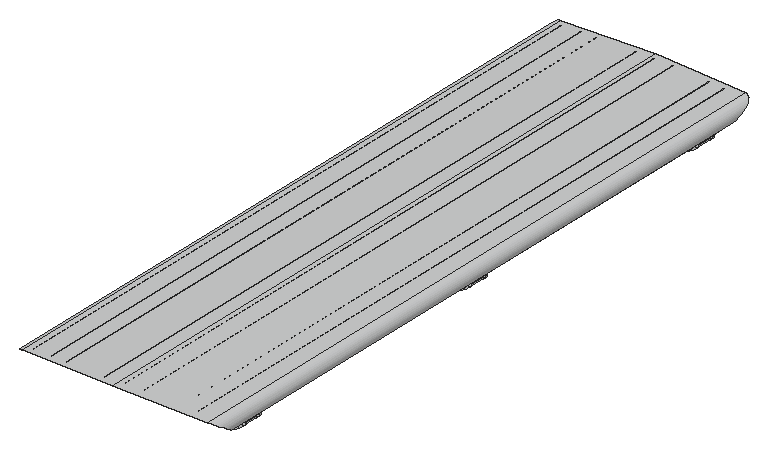
Revit family (continued)
Definition of nested family "9156_Base"
  Lines and regions (in)
    symbolic lines, style "Masking Lines", detail levels fine
      curve 100: arc (3.24302, 0, 1.06537) -> (3.22666, 0, 1.0586) -> (3.21988, 0, 1.04224) r 0.02313
      curve 101: line (3.21988, 0, 1.04224) -> (3.21988, 0, 1.0016)
      curve 102: arc (3.21988, 0, 1.0016) -> (3.22681, 0, 0.98487) -> (3.24355, 0, 0.97793) r 0.02366
      curve 103: line (3.24355, 0, 0.97793) -> (3.32055, 0, 0.97793)
      curve 104: arc (3.32055, 0, 0.97793) -> (3.33879, 0, 0.97038) -> (3.34635, 0, 0.95214) r 0.0258
      curve 105: line (3.34635, 0, 0.95214) -> (3.34635, 0, 0.54039)
      curve 106: arc (3.34635, 0, 0.54039) -> (3.3855, 0, 0.50263) -> (3.42386, 0, 0.54119) r 0.03876
      curve 107: line (2.84639, 0, 1.00259) -> (3.22101, 0, 1.00259)
      curve 108: arc (2.71843, 0, 0.90972) -> (2.74256, 0, 0.94804) -> (2.77669, 0, 0.97781) r 0.15589
      curve 109: line (2.7394, 0, 0.97781) -> (2.82252, 0, 0.97781)
      curve 110: arc (2.82252, 0, 0.97781) -> (2.83972, 0, 0.98513) -> (2.84639, 0, 1.00259) r 0.02389
      curve 111: line (2.8464, 0, 1.0017) -> (2.8464, 0, 1.03965)
      curve 112: arc (2.8464, 0, 1.03965) -> (2.84073, 0, 1.05357) -> (2.82695, 0, 1.05957) r 0.01992
      curve 113: line (2.82695, 0, 1.05957) -> (2.73955, 0, 1.06163)
      curve 114: arc (2.71843, 0, 0.95684) -> (2.72458, 0, 0.97167) -> (2.7394, 0, 0.97781) r 0.02097
      curve 115: line (2.71843, 0, 0.39105) -> (2.71843, 0, 0.95684)
      curve 116: line (3.04301, 0, 0.37364) -> (2.63021, 0, 0.3375)
      curve 117: arc (3.46663, 0, 0.51866) -> (3.26365, 0, 0.42034) -> (3.04301, 0, 0.37364) r 0.93236
      curve 118: line (0, 11.64434, 0.69595) -> (0, -11.64434, 0.69595)
      curve 119: spline (0, 11.17439, 0.39709) -> (0, 11.17496, 0.40266) -> (0, 11.17438, 0.40869) -> (0, 11.17264, 0.41517) -> (0, 11.16975, 0.42207) -> (0, 11.16572, 0.42937) -> (0, 11.16057, 0.43705) -> (0, 11.1543, 0.44509) -> (0, 11.14695, 0.45345) -> (0, 11.13852, 0.46211) -> (0, 11.12906, 0.47104) -> (0, 11.11859, 0.48022) -> (0, 11.10715, 0.48961)
      curve 120: spline (0, 11.10715, 0.48961) -> (0, 11.102, 0.49231) -> (0, 11.09673, 0.49495) -> (0, 11.09131, 0.49756) -> (0, 11.08577, 0.50011) -> (0, 11.0801, 0.50262) -> (0, 11.07431, 0.50508) -> (0, 11.0684, 0.50748) -> (0, 11.06237, 0.50983) -> (0, 11.05624, 0.51212) -> (0, 11.04999, 0.51436) -> (0, 11.04364, 0.51654) -> (0, 11.0372, 0.51866)
      curve 121: line (0, 11.0372, 0.51866) -> (0, 10.15222, 0.51866)
      curve 122: spline (0, 10.0823, 0.48963) -> (0, 10.08744, 0.49232) -> (0, 10.09272, 0.49497) -> (0, 10.09813, 0.49757) -> (0, 10.10367, 0.50012) -> (0, 10.10933, 0.50263) -> (0, 10.11512, 0.50508) -> (0, 10.12103, 0.50748) -> (0, 10.12706, 0.50983) -> (0, 10.13319, 0.51213) -> (0, 10.13943, 0.51436) -> (0, 10.14578, 0.51654) -> (0, 10.15222, 0.51866)
      curve 123: spline (0, 10.0823, 0.48963) -> (0, 10.07068, 0.48048) -> (0, 10.06007, 0.4715) -> (0, 10.0505, 0.46271) -> (0, 10.042, 0.45414) -> (0, 10.03459, 0.44582) -> (0, 10.02832, 0.43779) -> (0, 10.02318, 0.43005) -> (0, 10.01921, 0.42264) -> (0, 10.0164, 0.41559) -> (0, 10.01478, 0.40891) -> (0, 10.01435, 0.40263) -> (0, 10.0151, 0.39677)
      curve 124: line (0, 10.0151, 0.30724) -> (0, 10.0151, 0.39677)
      curve 125: spline (0, 10.01503, 0.34293) -> (0, 10.01444, 0.34808) -> (0, 10.015, 0.35367) -> (0, 10.01671, 0.35969) -> (0, 10.01958, 0.3661) -> (0, 10.02358, 0.37289) -> (0, 10.02871, 0.38005) -> (0, 10.03496, 0.38754) -> (0, 10.04229, 0.39534) -> (0, 10.0507, 0.40343) -> (0, 10.06014, 0.41178) -> (0, 10.07059, 0.42036) -> (0, 10.08202, 0.42915)
      curve 126: spline (0, 10.08202, 0.42915) -> (0, 10.09311, 0.43455) -> (0, 10.10486, 0.43968) -> (0, 10.11726, 0.44453) -> (0, 10.13024, 0.44908) -> (0, 10.14376, 0.45331) -> (0, 10.15778, 0.4572) -> (0, 10.17224, 0.46074) -> (0, 10.18709, 0.46393) -> (0, 10.20227, 0.46674) -> (0, 10.21774, 0.46917) -> (0, 10.23343, 0.47121) -> (0, 10.2493, 0.47285)
      curve 127: line (0, 10.29529, 0.47285) -> (0, 10.2493, 0.47285)
      curve 128: spline (0, 10.29529, 0.47285) -> (0, 10.30129, 0.47248) -> (0, 10.30726, 0.47204) -> (0, 10.31321, 0.47152) -> (0, 10.31914, 0.47092) -> (0, 10.32504, 0.47024) -> (0, 10.3309, 0.46948) -> (0, 10.33673, 0.46865) -> (0, 10.34251, 0.46774) -> (0, 10.34826, 0.46676) -> (0, 10.35395, 0.4657) -> (0, 10.35959, 0.46457) -> (0, 10.36518, 0.46336)
      curve 129: line (0, 10.36518, 0.46336) -> (0, 10.82423, 0.46336)
      curve 130: spline (0, 10.82423, 0.46336) -> (0, 10.82982, 0.46456) -> (0, 10.83547, 0.46568) -> (0, 10.84116, 0.46673) -> (0, 10.8469, 0.46771) -> (0, 10.85269, 0.46861) -> (0, 10.85852, 0.46944) -> (0, 10.86438, 0.4702) -> (0, 10.87028, 0.47088) -> (0, 10.8762, 0.47149) -> (0, 10.88216, 0.47202) -> (0, 10.88813, 0.47247) -> (0, 10.89412, 0.47285)
      curve 131: line (0, 10.93974, 0.47285) -> (0, 10.89412, 0.47285)
      curve 132: spline (0, 10.93974, 0.47285) -> (0, 10.95561, 0.47159) -> (0, 10.97131, 0.46987) -> (0, 10.98679, 0.46769) -> (0, 11.00198, 0.46506) -> (0, 11.01684, 0.46199) -> (0, 11.0313, 0.4585) -> (0, 11.04533, 0.45459) -> (0, 11.05886, 0.45028) -> (0, 11.07185, 0.44558) -> (0, 11.08426, 0.44051) -> (0, 11.09603, 0.4351) -> (0, 11.10713, 0.42935)
      curve 133: spline (0, 11.17438, 0.34293) -> (0, 11.17498, 0.34809) -> (0, 11.17442, 0.35369) -> (0, 11.17269, 0.35972) -> (0, 11.16981, 0.36615) -> (0, 11.16579, 0.37296) -> (0, 11.16064, 0.38013) -> (0, 11.15437, 0.38764) -> (0, 11.14701, 0.39546) -> (0, 11.13857, 0.40357) -> (0, 11.12909, 0.41194) -> (0, 11.1186, 0.42054) -> (0, 11.10713, 0.42935)
      curve 134: line (0, 11.32026, 0.49676) -> (0, 11.09187, 0.49676)
      curve 135: line (0, 10.09654, 0.49627) -> (0, 0.49904, 0.49627)
      curve 136: line (0, -0.50011, 0.49601) -> (0, -10.08742, 0.49601)
      curve 137: line (0, -11.08804, 0.49565) -> (0, -11.31846, 0.49565)
      curve 138: spline (0, -11.09967, 0.48964) -> (0, -11.11123, 0.48053) -> (0, -11.1218, 0.47159) -> (0, -11.13134, 0.46284) -> (0, -11.13982, 0.4543) -> (0, -11.14721, 0.44602) -> (0, -11.15349, 0.43801) -> (0, -11.15864, 0.4303) -> (0, -11.16264, 0.42292) -> (0, -11.16548, 0.41589) -> (0, -11.16714, 0.40922) -> (0, -11.16763, 0.40295) -> (0, -11.16695, 0.39709)
      curve 139: spline (0, -11.02975, 0.51866) -> (0, -11.0362, 0.51658) -> (0, -11.04255, 0.51444) -> (0, -11.04879, 0.51224) -> (0, -11.05493, 0.50996) -> (0, -11.06095, 0.50763) -> (0, -11.06686, 0.50523) -> (0, -11.07265, 0.50277) -> (0, -11.07831, 0.50025) -> (0, -11.08385, 0.49768) -> (0, -11.08926, 0.49505) -> (0, -11.09453, 0.49237) -> (0, -11.09967, 0.48964)
      curve 140: line (0, -10.14478, 0.51866) -> (0, -11.02975, 0.51866)
      curve 141: spline (0, -11.09995, 0.42915) -> (0, -11.08887, 0.43455) -> (0, -11.07711, 0.43968) -> (0, -11.06472, 0.44453) -> (0, -11.05174, 0.44908) -> (0, -11.03821, 0.45331) -> (0, -11.0242, 0.4572) -> (0, -11.00974, 0.46074) -> (0, -10.99489, 0.46393) -> (0, -10.9797, 0.46674) -> (0, -10.96423, 0.46917) -> (0, -10.94854, 0.47121) -> (0, -10.93268, 0.47285)
      curve 142: spline (0, -11.16694, 0.34293) -> (0, -11.16754, 0.34808) -> (0, -11.16698, 0.35367) -> (0, -11.16526, 0.35969) -> (0, -11.1624, 0.3661) -> (0, -11.15839, 0.37289) -> (0, -11.15326, 0.38005) -> (0, -11.14701, 0.38754) -> (0, -11.13968, 0.39534) -> (0, -11.13128, 0.40343) -> (0, -11.12183, 0.41178) -> (0, -11.11138, 0.42036) -> (0, -11.09995, 0.42915)
      curve 143: line (0, -10.88668, 0.47285) -> (0, -10.93268, 0.47285)
      curve 144: spline (0, -10.88668, 0.47285) -> (0, -10.88069, 0.47248) -> (0, -10.87471, 0.47204) -> (0, -10.86876, 0.47152) -> (0, -10.86283, 0.47092) -> (0, -10.85694, 0.47024) -> (0, -10.85107, 0.46948) -> (0, -10.84525, 0.46865) -> (0, -10.83946, 0.46774) -> (0, -10.83372, 0.46676) -> (0, -10.82802, 0.4657) -> (0, -10.82238, 0.46457) -> (0, -10.81679, 0.46336)
      curve 145: line (0, -10.81679, 0.46336) -> (0, -10.35774, 0.46336)
      curve 146: spline (0, -10.35774, 0.46336) -> (0, -10.35215, 0.46456) -> (0, -10.34651, 0.46568) -> (0, -10.34081, 0.46673) -> (0, -10.33507, 0.46771) -> (0, -10.32928, 0.46861) -> (0, -10.32346, 0.46944) -> (0, -10.31759, 0.4702) -> (0, -10.3117, 0.47088) -> (0, -10.30577, 0.47149) -> (0, -10.29982, 0.47202) -> (0, -10.29384, 0.47247) -> (0, -10.28785, 0.47285)
      curve 147: line (0, -10.24223, 0.47285) -> (0, -10.28785, 0.47285)
      curve 148: spline (0, -10.24223, 0.47285) -> (0, -10.22637, 0.47159) -> (0, -10.21067, 0.46987) -> (0, -10.1952, 0.46769) -> (0, -10.18001, 0.46506) -> (0, -10.16516, 0.462) -> (0, -10.1507, 0.45851) -> (0, -10.13668, 0.4546) -> (0, -10.12315, 0.45029) -> (0, -10.11016, 0.4456) -> (0, -10.09776, 0.44053) -> (0, -10.08599, 0.43512) -> (0, -10.07489, 0.42937)
      curve 149: spline (0, -10.07489, 0.42937) -> (0, -10.06325, 0.42082) -> (0, -10.05263, 0.41242) -> (0, -10.04304, 0.4042) -> (0, -10.03453, 0.3962) -> (0, -10.02713, 0.38843) -> (0, -10.02084, 0.38092) -> (0, -10.0157, 0.3737) -> (0, -10.01173, 0.36679) -> (0, -10.00893, 0.36021) -> (0, -10.00732, 0.35398) -> (0, -10.00689, 0.34812) -> (0, -10.00766, 0.34266)
      curve 150: spline (0, -10.00766, 0.39675) -> (0, -10.00701, 0.40232) -> (0, -10.00754, 0.40836) -> (0, -10.00923, 0.41485) -> (0, -10.01208, 0.42177) -> (0, -10.01608, 0.4291) -> (0, -10.02123, 0.4368) -> (0, -10.02749, 0.44487) -> (0, -10.03486, 0.45327) -> (0, -10.04331, 0.46197) -> (0, -10.05281, 0.47095) -> (0, -10.06332, 0.48017) -> (0, -10.07483, 0.48961)
      curve 151: line (0, -10.00766, 0.39675) -> (0, -10.00766, 0.31174)
      curve 152: spline (0, -10.07483, 0.48961) -> (0, -10.07997, 0.49231) -> (0, -10.08525, 0.49495) -> (0, -10.09066, 0.49756) -> (0, -10.0962, 0.50011) -> (0, -10.10187, 0.50262) -> (0, -10.10766, 0.50508) -> (0, -10.11357, 0.50748) -> (0, -10.1196, 0.50983) -> (0, -10.12574, 0.51212) -> (0, -10.13198, 0.51436) -> (0, -10.13833, 0.51654) -> (0, -10.14478, 0.51866)
      curve 153: line (0, 0.44222, 0.51866) -> (0, -0.44275, 0.51866)
      curve 154: spline (0, 0.51217, 0.48961) -> (0, 0.50703, 0.49231) -> (0, 0.50175, 0.49495) -> (0, 0.49634, 0.49756) -> (0, 0.4908, 0.50011) -> (0, 0.48513, 0.50262) -> (0, 0.47934, 0.50508) -> (0, 0.47343, 0.50748) -> (0, 0.4674, 0.50983) -> (0, 0.46126, 0.51212) -> (0, 0.45502, 0.51436) -> (0, 0.44867, 0.51654) -> (0, 0.44222, 0.51866)
      curve 155: spline (0, 0.57934, 0.39675) -> (0, 0.57999, 0.40232) -> (0, 0.57946, 0.40836) -> (0, 0.57777, 0.41485) -> (0, 0.57492, 0.42177) -> (0, 0.57092, 0.4291) -> (0, 0.56577, 0.4368) -> (0, 0.55951, 0.44487) -> (0, 0.55214, 0.45327) -> (0, 0.54369, 0.46197) -> (0, 0.53419, 0.47095) -> (0, 0.52368, 0.48017) -> (0, 0.51217, 0.48961)
      curve 156: line (0, 0.57934, 0.39675) -> (0, 0.57934, 0.31174)
      curve 157: spline (0, 0.57934, 0.31174) -> (0, 0.58017, 0.30985) -> (0, 0.57979, 0.30795) -> (0, 0.57822, 0.30606) -> (0, 0.57546, 0.30418) -> (0, 0.57151, 0.30232) -> (0, 0.56639, 0.30048) -> (0, 0.56012, 0.29867) -> (0, 0.55272, 0.2969) -> (0, 0.54421, 0.29517) -> (0, 0.53462, 0.29349) -> (0, 0.52398, 0.29186) -> (0, 0.51233, 0.29029)
      curve 158: spline (0, 0.51233, 0.29029) -> (0, 0.5029, 0.28951) -> (0, 0.49308, 0.28876) -> (0, 0.4829, 0.28806) -> (0, 0.47237, 0.28741) -> (0, 0.46153, 0.28679) -> (0, 0.45038, 0.28623) -> (0, 0.43897, 0.28571) -> (0, 0.4273, 0.28524) -> (0, 0.41541, 0.28482) -> (0, 0.40332, 0.28445) -> (0, 0.39105, 0.28413) -> (0, 0.37864, 0.28387)
      curve 159: line (0, 0.37864, 0.28387) -> (0, 0.28301, 0.28387)
      curve 160: line (0, 0.28301, 0.28464) -> (0, -0.28989, 0.28464)
      curve 161: line (0, -0.28989, 0.28387) -> (0, -0.37917, 0.28387)
      curve 162: spline (0, -0.37917, 0.28387) -> (0, -0.39159, 0.28413) -> (0, -0.40385, 0.28445) -> (0, -0.41594, 0.28482) -> (0, -0.42783, 0.28524) -> (0, -0.4395, 0.28571) -> (0, -0.45091, 0.28623) -> (0, -0.46206, 0.28679) -> (0, -0.4729, 0.28741) -> (0, -0.48343, 0.28806) -> (0, -0.49361, 0.28876) -> (0, -0.50343, 0.28951) -> (0, -0.51286, 0.29029)
      curve 163: spline (0, -0.51286, 0.29029) -> (0, -0.52229, 0.29155) -> (0, -0.53107, 0.29284) -> (0, -0.53918, 0.29417) -> (0, -0.54661, 0.29553) -> (0, -0.55334, 0.29692) -> (0, -0.55936, 0.29834) -> (0, -0.56465, 0.29978) -> (0, -0.5692, 0.30125) -> (0, -0.57301, 0.30273) -> (0, -0.57606, 0.30422) -> (0, -0.57835, 0.30573) -> (0, -0.57987, 0.30724)
      curve 164: line (0, -0.57987, 0.30724) -> (0, -0.57987, 0.39677)
      curve 165: spline (0, -0.51267, 0.48963) -> (0, -0.52429, 0.48048) -> (0, -0.53491, 0.4715) -> (0, -0.54448, 0.46271) -> (0, -0.55298, 0.45414) -> (0, -0.56038, 0.44582) -> (0, -0.56666, 0.43779) -> (0, -0.57179, 0.43005) -> (0, -0.57577, 0.42264) -> (0, -0.57857, 0.41559) -> (0, -0.58019, 0.40891) -> (0, -0.58063, 0.40263) -> (0, -0.57987, 0.39677)
      curve 166: spline (0, -0.51267, 0.48963) -> (0, -0.50753, 0.49232) -> (0, -0.50226, 0.49497) -> (0, -0.49685, 0.49757) -> (0, -0.49131, 0.50012) -> (0, -0.48564, 0.50263) -> (0, -0.47985, 0.50508) -> (0, -0.47394, 0.50748) -> (0, -0.46792, 0.50983) -> (0, -0.46178, 0.51213) -> (0, -0.45554, 0.51436) -> (0, -0.4492, 0.51654) -> (0, -0.44275, 0.51866)
      curve 167: spline (0, -0.51295, 0.42915) -> (0, -0.50187, 0.43455) -> (0, -0.49011, 0.43968) -> (0, -0.47772, 0.44453) -> (0, -0.46474, 0.44908) -> (0, -0.45121, 0.45331) -> (0, -0.4372, 0.4572) -> (0, -0.42274, 0.46074) -> (0, -0.40789, 0.46393) -> (0, -0.3927, 0.46674) -> (0, -0.37723, 0.46917) -> (0, -0.36154, 0.47121) -> (0, -0.34568, 0.47285)
      curve 168: spline (0, -0.57994, 0.34293) -> (0, -0.58054, 0.34808) -> (0, -0.57998, 0.35367) -> (0, -0.57826, 0.35969) -> (0, -0.5754, 0.3661) -> (0, -0.57139, 0.37289) -> (0, -0.56626, 0.38005) -> (0, -0.56001, 0.38754) -> (0, -0.55268, 0.39534) -> (0, -0.54428, 0.40343) -> (0, -0.53483, 0.41178) -> (0, -0.52438, 0.42036) -> (0, -0.51295, 0.42915)
      curve 169: line (0, -0.29968, 0.47285) -> (0, -0.34568, 0.47285)
      curve 170: spline (0, -0.29968, 0.47285) -> (0, -0.29369, 0.47248) -> (0, -0.28771, 0.47204) -> (0, -0.28176, 0.47152) -> (0, -0.27583, 0.47092) -> (0, -0.26994, 0.47024) -> (0, -0.26407, 0.46948) -> (0, -0.25825, 0.46865) -> (0, -0.25246, 0.46774) -> (0, -0.24672, 0.46676) -> (0, -0.24102, 0.4657) -> (0, -0.23538, 0.46457) -> (0, -0.22979, 0.46336)
      curve 171: line (0, -0.22979, 0.46336) -> (0, 0.22926, 0.46336)
      curve 172: spline (0, 0.22926, 0.46336) -> (0, 0.23485, 0.46456) -> (0, 0.24049, 0.46568) -> (0, 0.24619, 0.46673) -> (0, 0.25193, 0.46771) -> (0, 0.25772, 0.46861) -> (0, 0.26354, 0.46944) -> (0, 0.26941, 0.4702) -> (0, 0.2753, 0.47088) -> (0, 0.28123, 0.47149) -> (0, 0.28718, 0.47202) -> (0, 0.29316, 0.47247) -> (0, 0.29915, 0.47285)
      curve 173: line (0, 0.34477, 0.47285) -> (0, 0.29915, 0.47285)
      curve 174: spline (0, 0.34477, 0.47285) -> (0, 0.36063, 0.47159) -> (0, 0.37633, 0.46987) -> (0, 0.3918, 0.46769) -> (0, 0.40699, 0.46506) -> (0, 0.42184, 0.462) -> (0, 0.4363, 0.45851) -> (0, 0.45032, 0.4546) -> (0, 0.46385, 0.45029) -> (0, 0.47684, 0.4456) -> (0, 0.48924, 0.44053) -> (0, 0.50101, 0.43512) -> (0, 0.51211, 0.42937)
      curve 175: spline (0, 0.51211, 0.42937) -> (0, 0.5237, 0.42085) -> (0, 0.53429, 0.41249) -> (0, 0.54384, 0.40431) -> (0, 0.55233, 0.39633) -> (0, 0.55973, 0.38859) -> (0, 0.56601, 0.38111) -> (0, 0.57116, 0.37391) -> (0, 0.57515, 0.36701) -> (0, 0.57798, 0.36045) -> (0, 0.57964, 0.35423) -> (0, 0.58011, 0.34839) -> (0, 0.57941, 0.34293)
      curve 176: line (0, 0.3305, 0) -> (0, 0.3305, 0.28387)
      curve 177: line (0, -0.33109, 0) -> (0, -0.33109, 0.28387)
      curve 178: line (0, 1.88199, 0.35169) -> (0, 0.57934, 0.35169)
      curve 179: line (0, -0.57987, 0.35201) -> (0, -1.9041, 0.35201)
  Dimensions and locks (in)
    aligned and locked: plane 2 to level
Types (3): name | Finish
  (no name) | Aluminum-Kohler-SH-Bright Silver
  Aluminum-SH-Bright_Silver | Aluminum-Kohler-SH-Bright Silver
  Aluminum-NX-Brushed_Nickel | Aluminum-Kohler-NX-Brushed Nickel
